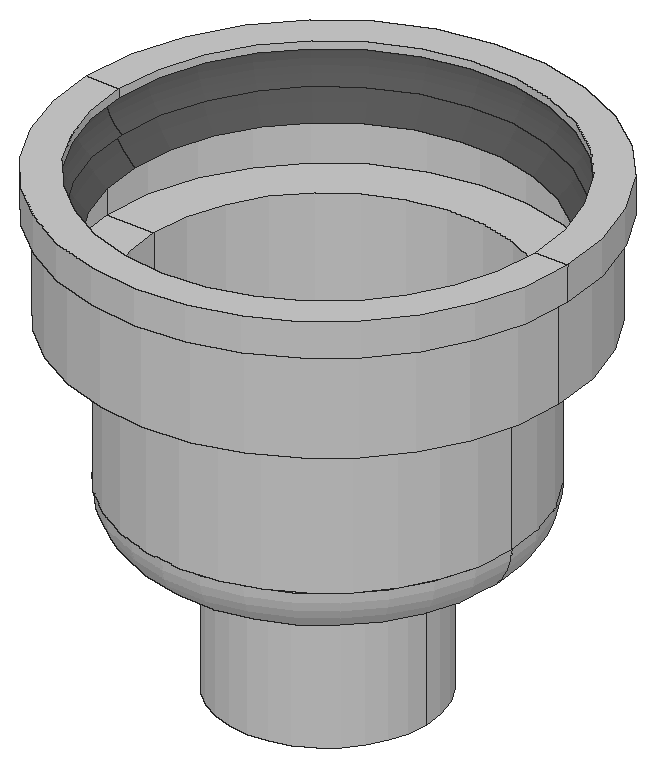
Revit family "PX_SEQ_HyDrain-Bottom-Outlet-50mm_PC097801", category Plumbing Fixtures, Revit 2016
Family settings
  Part Type = Normal
  Round Connector Dimension = Use Diameter
  Work Plane-Based = No
  Always vertical = Yes
  Cut with Voids When Loaded = No
  Shared = No
  Room Calculation Point = No
Parameters (values of type "HyDrain 50mm Bottom Outlet F-Box")
  URL for TCP = "http://www.tcpbim.co.za"
  URL = "https://seaqual.co.za/collections/external-surface-drains/products/hydrain-1-fix-75mm-side-out-f-box"
  Type Comments = "HyDrain 50mm Bottom Outlet"
  Rubber = Rubber
  Plastic = Plastic
  Model = "097801"
  Manufacturer = "Seaqual"
  Made by = "Tolani Civil Projects cc"
  ASAQS Code = "6.605.10"
Reference planes
  plane 1 "Center (Front/Back)": y = 0
  plane 2: z = 0
  plane 3 "Center (Left/Right)": x = 0
  plane 4: z = 4
  plane 5: z = -5
  plane 6: x = -65.5
  plane 7: z = -36
  plane 8: x = -63
  plane 9: x = -64.439
  plane 10: x = -60.879
  plane 11: z = -33
  plane 12: x = -50.079
  plane 13: x = -47.079
  plane 14: z = -96.6
  plane 15: z = -93.6
  plane 16: z = -2
  plane 17: x = 86.5
  plane 18: z = -68.6
  plane 19: x = -56.6
  plane 20: z = 2
  plane 21: z = -13.7
  plane 22: x = 64.439
  plane 23: x = 60.359
  plane 24: z = 0
  plane 25: x = 51.639
  plane 26: z = 1
  plane 27: z = -6.771
  plane 28: x = 58.359
  plane 29: x = 60.875
  plane 30: x = 52.5
  plane 31: z = -49.5
  plane 32: z = -46.5
  plane 33: x = -51.8
  plane 34: x = -48.8
  plane 35: z = -104.2
  plane 36: z = -101.2
  plane 37: x = -27
  plane 38: x = -24
  plane 39: z = -140.2
Forms (mm)
  Revolve 1, solid, material "Plastic" <- "Plastic"
    sketch origin (0, 0, 0) x (1, 0, 0) y (0, 0, 1)
      loop
        line (-63, -2) -> (-64.439, -2) -> (-64.439, 2) -> (-56.6, 2) -> (-56.6, 4) -> (-65.5, 4) -> (-65.5, -5) -> (-63, -5) -> (-63, -30.75) -> (-50.079, -30.75) -> (-50.079, -70.864)
        arc (-50.079, -70.864) -> (-46.173, -80.294) -> (-36.743, -84.2) r 13.336
        line (-36.743, -84.2) -> (0, -84.2) -> (0, -81.2) -> (-34.595, -81.2)
        arc (-34.595, -81.2) -> (-43.422, -77.544) -> (-47.079, -68.716) r 12.484
        line (-47.079, -68.716) -> (-47.079, -27.75) -> (-60, -27.75) -> (-60, -2) -> (-63, -2)
      axis (0, 4) -> (0, -84.2)
    angle from 0 to 360
  Revolve 2, solid, material "Rubber" <- "Rubber"
    sketch origin (0, 0, 0) x (1, 0, 0) y (0, 0, 1)
      loop
        line (60.875, 1) -> (64.439, 1) -> (64.439, 2) -> (60.359, 2) -> (60.359, 1)
        arc (60.359, 1) -> (59.157, -3.486) -> (55.873, -6.771) r 8.973
        line (55.873, -6.771) -> (58.359, -6.771)
        arc (58.359, -6.771) -> (55.621, -10.397) -> (52.5, -13.7) r 41.305
        line (52.5, -13.7) -> (60.875, -13.7) -> (60.875, 1)
      axis (0, 2) -> (0, -13.7)
    angle from 0 to 360
  Revolve 3, solid, material "Plastic" <- "Plastic"
    sketch origin (0, 0, 18.75) x (1, 0, 0) y (0, 0, 1)
      loop
        line (-27, -101.2) -> (-27, -140.2) -> (-24, -140.2) -> (-24, -101.2) -> (-27, -101.2)
      axis (0, -101.2) -> (0, -140.2)
    angle from 0 to 360
  Extrusion 4, void
    sketch origin (0, 0, 0) x (1, 0, 0) y (0, 1, 0)
      loop
        circle (0, 0) r 24
    from -121.45 to -82.45
Cuts and joins
  Extrusion 4 cuts Revolve 1
Dimensions and locks
  locked: plane 12 to plane 10 at 10.8
  locked: plane 13 to plane 12 at 3
  locked: plane 10 to plane 8 at 2.121
  locked: plane 8 to plane 9 at 1.439
  locked: plane 9 to plane 6 at 1.061
  locked: plane 3 "Center (Left/Right)" to plane 6 at 65.5
  locked: plane 4 to level at 4
  locked: level to plane 5 at 5
  plane 5 to plane 11 = 28 mm
  locked: plane 11 to plane 7 at 3
  locked: plane 7 to plane 15 at 57.6
  locked: plane 15 to plane 14 at 3
  locked: plane 30 to plane 3 "Center (Left/Right)" at 52.5
  Revolve 2 sketch curve to Revolve 2 sketch curve to plane 29 = 2.486 mm locked, 2.515 mm locked
  plane 5 to plane 31 = 44.5 mm  (x2)
  locked: plane 35 to plane 39 at 36
  Revolve 1 sketch curve to Revolve 1 sketch curve = 3 mm
  Revolve 1 sketch curve to Revolve 1 sketch curve = 53.45 mm
  plane 4 to plane 5 = 9 mm
  aligned and locked: level to plane 2
  aligned and locked: Revolve 1 sketch curve to plane 3 "Center (Left/Right)"
  aligned and locked: Revolve 1 sketch curve to plane 16
  aligned and locked: plane 5 to Revolve 1 sketch curve
  aligned and locked: plane 6 to Revolve 1 sketch curve
  aligned and locked: plane 20 to Revolve 1 sketch curve
  aligned and locked: Revolve 1 sketch curve to plane 4
  aligned and locked: Revolve 1 sketch curve to plane 19
  aligned and locked: plane 29 to Revolve 2 sketch curve  (x2)
  aligned and locked: Revolve 2 sketch curve to plane 26
  aligned and locked: plane 22 to Revolve 2 sketch curve
  aligned and locked: plane 23 to Revolve 2 sketch curve
  aligned and locked: plane 21 to Revolve 2 sketch curve
  aligned and locked: Revolve 2 sketch curve to plane 23
  aligned and locked: plane 30 to Revolve 2 sketch curve
  aligned and locked: plane 20 to Revolve 2 sketch curve
  aligned and locked: plane 27 to Revolve 2 sketch curve
  aligned and locked: Revolve 2 sketch curve to plane 3 "Center (Left/Right)"
  aligned and locked: Revolve 1 sketch curve to plane 8
  aligned and locked: Revolve 1 sketch curve to plane 13
  aligned and locked: Revolve 1 sketch curve to plane 12
  aligned and locked: plane 37 to Revolve 3 sketch curve
  aligned and locked: Revolve 3 sketch curve to plane 38
  aligned and locked: Revolve 3 sketch curve to plane 3 "Center (Left/Right)"
  aligned and locked: Extrusion 4 sketch curve to Revolve 3  (x2)
  aligned and locked: Extrusion 4 to Revolve 3  (x2)
Connectors
  piping at (0, 0, -121.45), diameter 50
    settings: on Revolve 3, index 1, connector inside diameter 609.6 mm, connector length 0 mm, flow factor 0, pipe flow 0.0 L/s, pressure drop 0.0 Pa, fitting loss kfactor 0, connector angle 0.00°, fixture units 0, engagement length 0 mm, angle of deflection 0.00°, flow configuration 0, flow direction 0, fitting loss method 0, system type 16, joint type 0, gender type 0, connector reference index -1, connector utility 0, adjustable connector no, is connector primary yes, connector description ""
